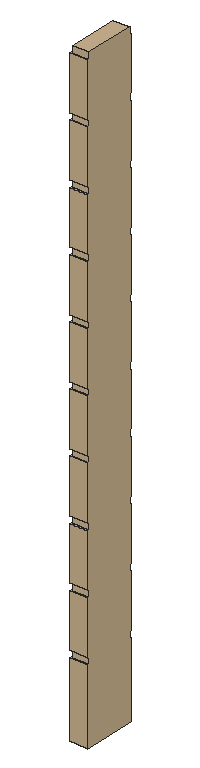
Revit family "GEN_A3-659-MIDDLE-NIBS-D-(lower plinth)", category Columns, Revit 2016
Family settings
  Cut with Voids When Loaded = No
  Automatically joins geometry to walls = Yes
  Shared = No
  Show family pre-cut in plan views = Yes
Parameters (values of type "646-MIDDLE-D (lower plinth)")
  STEP = 1800 mm
  NIB WIDTH = 690 mm
  NIB = 230 mm
  Assembly Code = ""
Types (2, lengths in mm): name | STEP | NIB WIDTH | NIB
  646-MIDDLE-D (lower plinth) | 1800 | 690 | 230
  805-460 | 85 | 460 | 805
Reference planes
  plane 1 "Center (Front/Back)": y = 20
  plane 2: z = 0
  plane 3 "Center (Left/Right)": x = -20
  plane 4 "Left": x = -250
  plane 5 "Back": y = 250
  plane 6 "Front": y = -440
  plane 7: z = -1800
  plane 8: z = 3060
  plane 9: z = 3825
  plane 10: z = 4590
  plane 11: z = 5355
  plane 12: z = 6120
  plane 13: z = 2295
  plane 14: z = 1530
  plane 15: z = 765
  plane 16: z = -765
  plane 17: z = -1530
Forms (mm)
  Extrusion 1, solid, material "-WALL"
    sketch origin (0, 0, 0) x (1, 0, 0) y (0, 1, 0)
      loop
        line (-250, -440) -> (-20, -440) -> (-20, 250) -> (-250, 250) -> (-250, -440)
    from -1800 to 6120
  Sweep 2, void
    path origin (0, 0, 0) x (1, 0, 0) y (0, 1, 0)
      loop
        line (-20, 250) -> (-250, 250) -> (-250, -440) -> (-20, -440)
    profile origin (-135, 250, 0) x (0, -1, 0) y (0, 0, 1)
      loop
        line (20, 6035) -> (20, 6120) -> (-30, 6120) -> (-30, 6035) -> (20, 6035)
  Sweep 3, void
    path origin (0, 0, 170) x (1, 0, 0) y (0, 1, 0)
      loop
        line (-20, 250) -> (-250, 250) -> (-250, -440) -> (-20, -440)
    profile origin (-135, 250, 170) x (0, -1, 0) y (0, 0, 1)
      loop
        line (20, 5100) -> (20, 5185) -> (-30, 5185) -> (-30, 5100) -> (20, 5100)
  Sweep 4, void
    path origin (0, 0, -595) x (1, 0, 0) y (0, 1, 0)
      loop
        line (-20, 250) -> (-250, 250) -> (-250, -440) -> (-20, -440)
    profile origin (-135, 250, -595) x (0, -1, 0) y (0, 0, 1)
      loop
        line (20, 5100) -> (20, 5185) -> (-30, 5185) -> (-30, 5100) -> (20, 5100)
  Sweep 5, void
    path origin (0, 0, -1360) x (1, 0, 0) y (0, 1, 0)
      loop
        line (-20, 250) -> (-250, 250) -> (-250, -440) -> (-20, -440)
    profile origin (-135, 250, -1360) x (0, -1, 0) y (0, 0, 1)
      loop
        line (20, 5100) -> (20, 5185) -> (-30, 5185) -> (-30, 5100) -> (20, 5100)
  Sweep 6, void
    path origin (0, 0, -2125) x (1, 0, 0) y (0, 1, 0)
      loop
        line (-20, 250) -> (-250, 250) -> (-250, -440) -> (-20, -440)
    profile origin (-135, 250, -2125) x (0, -1, 0) y (0, 0, 1)
      loop
        line (20, 5100) -> (20, 5185) -> (-30, 5185) -> (-30, 5100) -> (20, 5100)
  Sweep 7, void
    path origin (0, 0, -2890) x (1, 0, 0) y (0, 1, 0)
      loop
        line (-20, 250) -> (-250, 250) -> (-250, -440) -> (-20, -440)
    profile origin (-135, 250, -2890) x (0, -1, 0) y (0, 0, 1)
      loop
        line (20, 5100) -> (20, 5185) -> (-30, 5185) -> (-30, 5100) -> (20, 5100)
  Sweep 8, void
    path origin (0, 0, -3655) x (1, 0, 0) y (0, 1, 0)
      loop
        line (-20, 250) -> (-250, 250) -> (-250, -440) -> (-20, -440)
    profile origin (-135, 250, -3655) x (0, -1, 0) y (0, 0, 1)
      loop
        line (20, 5100) -> (20, 5185) -> (-30, 5185) -> (-30, 5100) -> (20, 5100)
  Sweep 9, void
    path origin (0, 0, -4420) x (1, 0, 0) y (0, 1, 0)
      loop
        line (-20, 250) -> (-250, 250) -> (-250, -440) -> (-20, -440)
    profile origin (-135, 250, -4420) x (0, -1, 0) y (0, 0, 1)
      loop
        line (20, 5100) -> (20, 5185) -> (-30, 5185) -> (-30, 5100) -> (20, 5100)
  Sweep 10, void
    path origin (0, 0, -5185) x (1, 0, 0) y (0, 1, 0)
      loop
        line (-20, 250) -> (-250, 250) -> (-250, -440) -> (-20, -440)
    profile origin (-135, 250, -5185) x (0, -1, 0) y (0, 0, 1)
      loop
        line (20, 5100) -> (20, 5185) -> (-30, 5185) -> (-30, 5100) -> (20, 5100)
  Sweep 11, void
    path origin (0, 0, -5950) x (1, 0, 0) y (0, 1, 0)
      loop
        line (-20, 250) -> (-250, 250) -> (-250, -440) -> (-20, -440)
    profile origin (-135, 250, -5950) x (0, -1, 0) y (0, 0, 1)
      loop
        line (20, 5100) -> (20, 5185) -> (-30, 5185) -> (-30, 5100) -> (20, 5100)
Cuts and joins
  Sweep 2, Sweep 3, Sweep 4, Sweep 5, Sweep 6, Sweep 7, Sweep 8, Sweep 9, Sweep 10, Sweep 11 cuts Extrusion 1
Dimensions and locks
  "NIB WIDTH": plane 6 "Front" to plane 5 "Back"
  "NIB": plane 4 "Left" to plane 3 "Center (Left/Right)"
  plane 17 to plane 16 to level to plane 15 = 765 mm, 765 mm, 765 mm
  plane 15 to plane 14 to plane 13 to plane 8 to plane 9 = 765 mm, 765 mm, 765 mm, 765 mm
  plane 9 to plane 10 to plane 11 to plane 12 to level = 765 mm, 765 mm, 765 mm, 0 mm
  "STEP": plane 7 to level
  aligned and locked: Extrusion 1 sketch curve to plane 4 "Left"
  aligned and locked: Extrusion 1 sketch curve to plane 5 "Back"
  aligned and locked: Extrusion 1 sketch curve to plane 6 "Front"
  aligned and locked: Extrusion 1 sketch curve to plane 3 "Center (Left/Right)"
  aligned and locked: level to Extrusion 1
  aligned and locked: plane 7 to Extrusion 1
Automatic sketch dimensions
  Sweep 2 sketch curve to plane 4 "Left" = 0 mm
  Sweep 2 sketch curve to plane 3 "Center (Left/Right)" = 0 mm  (x2)
  Sweep 2 sketch curve to plane 6 "Front" = 0 mm
  Sweep 2 sketch curve to plane 5 "Back" = 0 mm
  profile plane to Sweep 2 sketch curve = 30 mm
  Sweep 2 sketch curve to profile plane = 20 mm
  level to Sweep 2 sketch curve = 6035 mm
  Sweep 2 sketch curve to Sweep 2 sketch curve = 85 mm
  Sweep 3 sketch curve to plane 4 "Left" = 0 mm
  Sweep 3 sketch curve to plane 3 "Center (Left/Right)" = 0 mm  (x2)
  Sweep 3 sketch curve to plane 6 "Front" = 0 mm
  Sweep 3 sketch curve to plane 5 "Back" = 0 mm
  profile plane to Sweep 3 sketch curve = 30 mm
  Sweep 3 sketch curve to profile plane = 20 mm
  profile plane to Sweep 3 sketch curve = 5100 mm
  Sweep 3 sketch curve to Sweep 3 sketch curve = 85 mm
  Sweep 4 sketch curve to plane 4 "Left" = 0 mm
  Sweep 4 sketch curve to plane 3 "Center (Left/Right)" = 0 mm  (x2)
  Sweep 4 sketch curve to plane 6 "Front" = 0 mm
  Sweep 4 sketch curve to plane 5 "Back" = 0 mm
  profile plane to Sweep 4 sketch curve = 30 mm
  Sweep 4 sketch curve to profile plane = 20 mm
  profile plane to Sweep 4 sketch curve = 5100 mm
  Sweep 4 sketch curve to Sweep 4 sketch curve = 85 mm
  Sweep 5 sketch curve to plane 4 "Left" = 0 mm
  Sweep 5 sketch curve to plane 3 "Center (Left/Right)" = 0 mm  (x2)
  Sweep 5 sketch curve to plane 6 "Front" = 0 mm
  Sweep 5 sketch curve to plane 5 "Back" = 0 mm
  profile plane to Sweep 5 sketch curve = 30 mm
  Sweep 5 sketch curve to profile plane = 20 mm
  profile plane to Sweep 5 sketch curve = 5100 mm
  Sweep 5 sketch curve to Sweep 5 sketch curve = 85 mm
  Sweep 6 sketch curve to plane 4 "Left" = 0 mm
  Sweep 6 sketch curve to plane 3 "Center (Left/Right)" = 0 mm  (x2)
  Sweep 6 sketch curve to plane 6 "Front" = 0 mm
  Sweep 6 sketch curve to plane 5 "Back" = 0 mm
  profile plane to Sweep 6 sketch curve = 30 mm
  Sweep 6 sketch curve to profile plane = 20 mm
  profile plane to Sweep 6 sketch curve = 5100 mm
  Sweep 6 sketch curve to Sweep 6 sketch curve = 85 mm
  Sweep 7 sketch curve to plane 4 "Left" = 0 mm
  Sweep 7 sketch curve to plane 3 "Center (Left/Right)" = 0 mm  (x2)
  Sweep 7 sketch curve to plane 6 "Front" = 0 mm
  Sweep 7 sketch curve to plane 5 "Back" = 0 mm
  profile plane to Sweep 7 sketch curve = 30 mm
  Sweep 7 sketch curve to profile plane = 20 mm
  profile plane to Sweep 7 sketch curve = 5100 mm
  Sweep 7 sketch curve to Sweep 7 sketch curve = 85 mm
  Sweep 8 sketch curve to plane 4 "Left" = 0 mm
  Sweep 8 sketch curve to plane 3 "Center (Left/Right)" = 0 mm  (x2)
  Sweep 8 sketch curve to plane 6 "Front" = 0 mm
  Sweep 8 sketch curve to plane 5 "Back" = 0 mm
  profile plane to Sweep 8 sketch curve = 30 mm
  Sweep 8 sketch curve to profile plane = 20 mm
  profile plane to Sweep 8 sketch curve = 5100 mm
  Sweep 8 sketch curve to Sweep 8 sketch curve = 85 mm
  Sweep 9 sketch curve to plane 4 "Left" = 0 mm
  Sweep 9 sketch curve to plane 3 "Center (Left/Right)" = 0 mm  (x2)
  Sweep 9 sketch curve to plane 6 "Front" = 0 mm
  Sweep 9 sketch curve to plane 5 "Back" = 0 mm
  profile plane to Sweep 9 sketch curve = 30 mm
  Sweep 9 sketch curve to profile plane = 20 mm
  profile plane to Sweep 9 sketch curve = 5100 mm
  Sweep 9 sketch curve to Sweep 9 sketch curve = 85 mm
  Sweep 10 sketch curve to plane 4 "Left" = 0 mm
  Sweep 10 sketch curve to plane 3 "Center (Left/Right)" = 0 mm  (x2)
  Sweep 10 sketch curve to plane 6 "Front" = 0 mm
  Sweep 10 sketch curve to plane 5 "Back" = 0 mm
  profile plane to Sweep 10 sketch curve = 30 mm
  Sweep 10 sketch curve to profile plane = 20 mm
  profile plane to Sweep 10 sketch curve = 5100 mm
  Sweep 10 sketch curve to Sweep 10 sketch curve = 85 mm
  Sweep 11 sketch curve to plane 4 "Left" = 0 mm
  Sweep 11 sketch curve to plane 3 "Center (Left/Right)" = 0 mm  (x2)
  Sweep 11 sketch curve to plane 6 "Front" = 0 mm
  Sweep 11 sketch curve to plane 5 "Back" = 0 mm
  profile plane to Sweep 11 sketch curve = 30 mm
  Sweep 11 sketch curve to profile plane = 20 mm
  profile plane to Sweep 11 sketch curve = 5100 mm
  Sweep 11 sketch curve to Sweep 11 sketch curve = 85 mm
